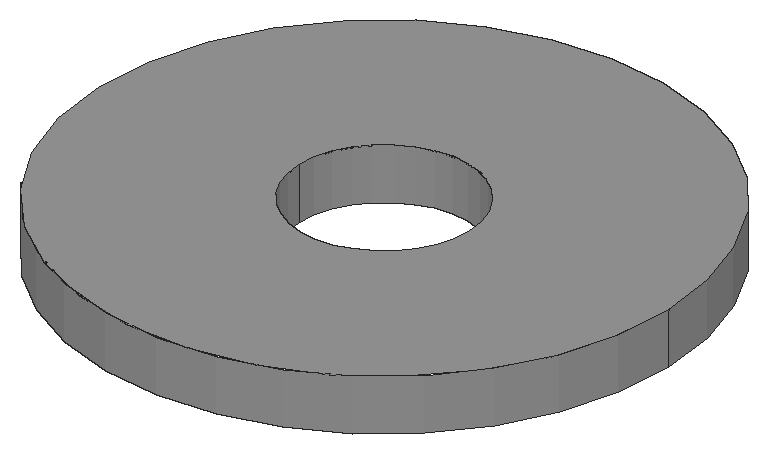
Revit family "Unterlegscheibe-DIN440 7 A2", category Generic Models, Revit 2017
Family settings
  Can host rebar = No
  Round Connector Dimension = Use Diameter
  Part Type = Normal
  Work Plane-Based = No
  Always vertical = Yes
  Cut with Voids When Loaded = No
  Shared = No
  Room Calculation Point = No
Parameters (values of type "DIN440 7 A2")
  URL = "http://www.obo-bettermann.com"
  Material = Edelstahl, rostfrei 1.4301
  Manufacturer Art.No. = "6408703"
  Manufacturer = "OBO BETTERMANN"
  Height = 2 mm
  GTIN = "4012196712199"
  Diameter 1 = 6.6 mm
  Diameter = 22 mm
  Article Type = "DIN440 7 A2"
Reference planes
  plane 1 "Center (Front/Back)": y = 0
  plane 2: z = 0
  plane 3 "Center (Left/Right)": x = 0
  plane 4: z = 2
Forms (mm)
  Extrusion 1, solid, material "Edelstahl, rostfrei 1.4301" <- "Material"
    sketch origin (0, 0, 0) x (1, 0, 0) y (0, 1, 0)
      loop
        circle (0, 0) r 11
      loop
        circle (0, 0) r 3.291
    from 0 to 2
Dimensions and locks
  locked: plane 3 "Center (Left/Right)" to Extrusion 1 sketch curve  (x2)
  locked: plane 3 "Center (Left/Right)" to Extrusion 1 sketch curve at 11
  locked: plane 3 "Center (Left/Right)" to Extrusion 1 sketch curve at 3.291
  locked: plane 4 to level at 2
  aligned and locked: level to plane 2
  aligned and locked: plane 4 to Extrusion 1
  aligned and locked: Extrusion 1 to level
